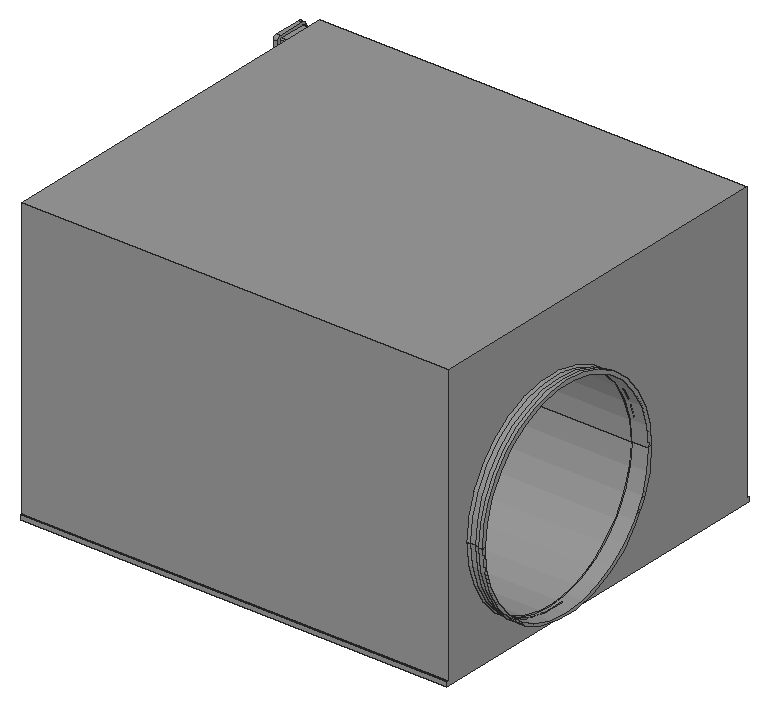
Revit family "IRB 500 A3 EC_7890040", category Mechanical Equipment, Revit 2014
Parameters (values of type "IRB 500 A3 EC")
  Wiring diagram = "4040147"
  Width = 1110 mm
  Weight = 79.70 kg
  Voltage range = "380-480 V"
  Voltage = 400 V
  Speed = "1340 rpm"
  Sound pressure level at 3 m = "59 dB(A)"
  Power = 981 W
  Phase = 3
  Max. temperature of transported air when speed controlled = 60 °C
  Max. temperature of transported air = 60 °C
  Main Material = Steel, Galvanized
  Height = 908 mm
  Frequency = 50 Hz
  Elevation [instance] = 2600 mm
  Diameter = 500 mm
  Description = "Insulated duct fans with circular connections"
  Depth = 681 mm
  Current = 1.55 A
  Capacitor = "- µF"
Reference planes
  plane 1 "Center (Front/Back)": y = 0
  plane 2: z = 0
  plane 3 "Center (Left/Right)": x = 0
  plane 4: z = 2600
Dimensions and locks
  "Elevation": plane 4 to plane 2
  aligned and locked: level to plane 2
  aligned and locked: plane 3 "Center (Left/Right)" to nested 1
  aligned and locked: plane 1 "Center (Front/Back)" to nested 1
  aligned and locked: nested 1 to nested 2  (x2)
  aligned and locked: nested 1 to plane 4
Nested families
  nested 1: "IRB" at (0, 0, 2600), type "IRB"
  nested 2: "Flow direction symbol" at (0, 0, 0), type "Flow direction symbol"
Connectors
  electrical at (-555, 402.5, 3229.5), driven by "Phase", driven by "Voltage", driven by "Power"
    settings: on nested 1, index 1, voltage 400 V, apparent load 0 VA, apparent load phase1 981 VA, apparent load phase2 0 VA, apparent load phase3 0 VA, power factor 1, load classification "Other", number of poles 3, system type 31, power factor state 1, is connector primary yes, connector utility no, sub classification motor no, connector description ""
  hvac at (-555, -144.5, 2886), driven by "Diameter"
    settings: on nested 1, index 4, duct flow 0.0 L/s, flow factor 0, pres drop 0.0 Pa, loss coef 0, conn angle 0.00°, conn width 304.8 mm, conn height 304.8 mm, conn diameter 500 mm, duct sys type 1, conn prof type 0, flow config 0, flow direction 1, loss method 0, conn ref index -1, conn util no, is conn primary yes, conn desc ""
  hvac at (547, -144, 2886), driven by "Diameter"
    settings: on nested 1, index 5, duct flow 0.0 L/s, flow factor 0, pres drop 0.0 Pa, loss coef 0, conn angle 0.00°, conn width 304.8 mm, conn height 304.8 mm, conn diameter 500 mm, duct sys type 3, conn prof type 0, flow config 0, flow direction 2, loss method 0, conn ref index -1, conn util no, is conn primary no, conn desc ""
Definition of nested family "IRB"
  Parameters (values of type "IRB")
    Width = 1110 mm
    Main Material = Steel, Galvanized
    Height = 908 mm
    Description = ""
    Depth = 681 mm
  Reference planes
    plane 1 "Center (Front/Back)": y = 0
    plane 2: z = 0
    plane 3 "Center (Left/Right)": x = 0
    plane 4: z = 681
    plane 5 "Horizontal Pipe Axis": z = 430
    plane 6: z = 10
    plane 7: z = 671
    plane 8: x = -513.5
    plane 9: x = 513.5
    plane 10: x = -555
    plane 11: x = 555
    plane 12: y = 454
    plane 13: y = -454
    plane 14: y = 444
    plane 15: x = -545
    plane 16: y = -144
    plane 17: z = 286
  Forms (mm)
    Extrusion 1, solid, material "Steel, Galvanized" <- "Main Material", detail levels medium+fine
      sketch origin (0, 0, 0) x (0, 1, 0) y (0, 0, 1)
        loop
          line (-454, 0) -> (454, 0) -> (454, 10) -> (449, 10) -> (449, 11) -> (449, 681) -> (-449, 681) -> (-449, 10) -> (-454, 10) -> (-454, 0)
      from -513.5 to 513.5
    Extrusion 2, void
      sketch origin (0, 64.5, -161.869) x (0, 1, 0) y (0, 0, 1)
        loop
          circle (-209.5, 446.497) r 247
      from -1429.857 to 1385.5
    Extrusion 3, solid, material "Steel, Galvanized" <- "Main Material", detail levels coarse
      sketch origin (0, 0, 0) x (0, 1, 0) y (0, 0, 1)
        loop
          line (454, 681) -> (-454, 681) -> (-454, 0) -> (454, 0) -> (454, 681)
      from -513.5 to 513.5
    Sweep 4, solid, material "Plastic, Opaque White", detail levels fine
      path origin (0, 0, 0) x (1, 0, 0) y (0, 1, 0)
        loop
          line (-545, 444) -> (-555, 444)
      profile origin (-550, 444, 0) x (0, -1, 0) y (0, 0, 1)
        loop
          arc (8.073, 671) -> (2.365, 668.635) -> (0, 662.927) r 8.073
          line (0, 662.927) -> (0, 596.073)
          arc (0, 596.073) -> (2.365, 590.365) -> (8.073, 588) r 8.073
          line (8.073, 588) -> (74.927, 588)
          arc (74.927, 588) -> (80.635, 590.365) -> (83, 596.073) r 8.073
          line (83, 596.073) -> (83, 662.927)
          arc (83, 662.927) -> (80.635, 668.635) -> (74.927, 671) r 8.073
          line (74.927, 671) -> (8.073, 671)
    Sweep 5, solid, material "Plastic, Opaque White", detail levels fine
      path origin (0, 0, 0) x (1, 0, 0) y (0, 1, 0)
        loop
          line (-545, 402.5) -> (-513.5, 402.5)
      profile origin (-529.25, 402.5, 0) x (0, 1, 0) y (0, 0, 1)
        loop
          line (33.427, 666) -> (-33.427, 666)
          arc (-33.427, 666) -> (-35.6, 665.1) -> (-36.5, 662.927) r 3.073
          line (-36.5, 662.927) -> (-36.5, 596.073)
          arc (-36.5, 596.073) -> (-35.6, 593.9) -> (-33.427, 593) r 3.073
          line (-33.427, 593) -> (33.427, 593)
          arc (33.427, 593) -> (35.6, 593.9) -> (36.5, 596.073) r 3.073
          line (36.5, 596.073) -> (36.5, 662.927)
          arc (36.5, 662.927) -> (35.6, 665.1) -> (33.427, 666) r 3.073
    Extrusion 6, void, detail levels medium+fine
      sketch origin (0, 64.5, -123.605) x (0, 1, 0) y (0, 0, 1)
        loop
          circle (-209.5, 407.499) r 248
      from -809.837 to 891.662
    Extrusion 7, solid, material "Steel, Galvanized" <- "Main Material", detail levels coarse
      sketch origin (0, 66, -116.163) x (0, 1, 0) y (0, 0, -1)
        loop
          circle (-208.916, -402.799) r 249
      from 513.5 to 555
    Extrusion 8, void
      sketch origin (0, 64.5, -122.872) x (0, 1, 0) y (0, 0, 1)
        loop
          circle (-209.5, 407.499) r 248
      from -809.837 to 700
    Revolve 9, solid, material "Steel, Galvanized" <- "Main Material", detail levels medium+fine
      sketch origin (0, 34.5, 286) x (-1, 0, 0) y (0, -1, 0)
        loop
          line (555, -75.416) -> (555, 178.5) -> (513.5, 178.5) -> (513.5, -71.416)
          arc (513.5, -71.416) -> (517.75, -73.416) -> (522, -71.416) r 5.516
          line (522, -71.416) -> (537, -71.416) -> (537, -73.416) -> (547, -73.416) -> (547, -75.416) -> (555, -75.416)
        axis (513.5, 178.5) -> (555, 178.5)
      angle from 0 to 360
    Extrusion 10, solid, material "Steel, Galvanized" <- "Main Material", detail levels coarse
      sketch origin (0, 66, -116.163) x (0, 1, 0) y (0, 0, 1)
        loop
          circle (-208.916, 402.799) r 249
      from 513.5 to 555
    Revolve 11, solid, material "Steel, Galvanized" <- "Main Material", detail levels medium+fine
      sketch origin (0, 34.5, 286) x (1, 0, 0) y (0, 1, 0)
        loop
          line (555, 75.416) -> (547, 75.416) -> (547, 73.416) -> (537, 73.416) -> (537, 71.416) -> (522, 71.416)
          arc (522, 71.416) -> (517.75, 73.416) -> (513.5, 71.416) r 5.516
          line (513.5, 71.416) -> (513.5, -178.5) -> (555, -178.5) -> (555, 75.416)
        axis (513.5, -178.5) -> (555, -178.5)
      angle from 0 to 360
  Cuts and joins
    Extrusion 2 cuts Extrusion 1
    joined: Sweep 4, Sweep 5
    Extrusion 6 cuts Extrusion 3
    Extrusion 8 cuts Revolve 9
    Extrusion 2 cuts Revolve 11
  Dimensions and locks
    equal spacing: plane 10, plane 3 "Center (Left/Right)", plane 11
    "Width": plane 10 to plane 11
    "Depth": plane 4 to level
    locked: plane 12 to plane 14 at 10
    locked: plane 4 to plane 7 at 10
    locked: plane 10 to plane 15 at 10
    locked: plane 10 to plane 8 at 41.5
    locked: plane 9 to plane 11 at 41.5
    locked: Sweep 5 sketch curve to plane 7 at 5
    locked: plane 14 to Sweep 5 sketch curve at 5
    plane 4 to plane 5 "Horizontal Pipe Axis" = 251 mm
    equal spacing: plane 12, plane 1 "Center (Front/Back)", plane 13
    "Height": plane 12 to plane 13
    aligned and locked: level to plane 2
    aligned and locked: Extrusion 1 sketch curve to plane 13
    aligned and locked: plane 2 to Extrusion 1 sketch curve
    aligned and locked: Extrusion 1 sketch curve to plane 12
    aligned and locked: Extrusion 1 to plane 9
    aligned and locked: Extrusion 1 to plane 8
    aligned and locked: plane 4 to Extrusion 3 sketch curve
    aligned and locked: plane 12 to Extrusion 3 sketch curve
    aligned and locked: Extrusion 3 to plane 8
    aligned and locked: Extrusion 3 to plane 9
    aligned and locked: plane 10 to Sweep 4 sketch curve
    aligned and locked: plane 15 to Sweep 4 sketch curve
    aligned and locked: Sweep 4 sketch curve to plane 7
    aligned and locked: Sweep 4 sketch curve to plane 14
    aligned and locked: plane 8 to Sweep 5 sketch curve
    aligned and locked: plane 15 to Sweep 5 sketch curve
    aligned and locked: Extrusion 10 to cut or joined group of Extrusion 3, Extrusion 6
    aligned and locked: Extrusion 10 to plane 11
    aligned and locked: Extrusion 7 to cut or joined group of Extrusion 3, Extrusion 6
    aligned and locked: Extrusion 7 to plane 10
  Automatic sketch dimensions
    Extrusion 1 sketch curve to plane 4 = 0 mm
    Extrusion 1 sketch curve to plane 6 = 0 mm  (x2)
    Extrusion 1 sketch curve to plane 13 = 5 mm
    Extrusion 1 sketch curve to plane 12 = 5 mm
    Extrusion 1 sketch curve to Extrusion 1 sketch curve = 1 mm
    Extrusion 2 sketch curve to plane 16 = 1 mm
    Extrusion 2 sketch curve to plane 17 = 1.372 mm
    Extrusion 3 sketch curve to plane 13 = 0 mm
    Extrusion 3 sketch curve to level = 0 mm
    Sweep 4 sketch curve to plane 14 = 0 mm
    Sweep 4 sketch curve to profile plane = 8.073 mm  (x2)
    Sweep 4 sketch curve to Sweep 4 sketch curve = 66.854 mm  (x3)
    Sweep 4 sketch curve to Sweep 4 sketch curve = 8.073 mm
    Sweep 5 sketch curve to plane 14 = 41.5 mm
    Sweep 5 sketch curve to Sweep 5 sketch curve = 3.073 mm  (x3)
    profile plane to Sweep 5 sketch curve = 33.427 mm  (x2)
    Sweep 5 sketch curve to Sweep 5 sketch curve = 66.854 mm
    Extrusion 6 sketch curve to plane 16 = 1 mm
    Extrusion 6 sketch curve to plane 17 = 2.106 mm
    plane 16 to Extrusion 7 sketch curve = 1.084 mm
    plane 17 to Extrusion 7 sketch curve = 0.636 mm
    Extrusion 8 sketch curve to plane 16 = 1 mm
    Extrusion 8 sketch curve to plane 17 = 1.372 mm
    Revolve 9 sketch curve to plane 8 = 0 mm  (x2)
    Revolve 9 sketch curve to plane 10 = 0 mm
    Revolve 9 sketch curve to plane 16 = 0 mm  (x2)
    Revolve 9 sketch curve to plane 8 = 4.25 mm
    Revolve 9 sketch curve to Revolve 9 sketch curve = 4.25 mm
    plane 15 to Revolve 9 sketch curve = 8 mm
    Revolve 9 sketch curve to plane 15 = 2 mm
    Revolve 9 sketch curve to plane 1 "Center (Front/Back)" = 102.4 mm
    Revolve 9 sketch curve to Revolve 9 sketch curve = 3.515 mm
    Revolve 9 sketch curve to Revolve 9 sketch curve = 2 mm  (x2)
    Revolve 9 sketch curve to Revolve 9 sketch curve = 93.5 mm
    plane 16 to Extrusion 10 sketch curve = 1.084 mm
    plane 17 to Extrusion 10 sketch curve = 0.636 mm
    Revolve 11 sketch curve to plane 9 = 0 mm  (x2)
    Revolve 11 sketch curve to plane 11 = 0 mm
    Revolve 11 sketch curve to plane 16 = 0 mm  (x2)
    Revolve 11 sketch curve to plane 9 = 4.25 mm
    Revolve 11 sketch curve to Revolve 11 sketch curve = 4.25 mm
    Revolve 11 sketch curve to Revolve 11 sketch curve = 15 mm
    plane 11 to Revolve 11 sketch curve = 8 mm
    Revolve 11 sketch curve to plane 1 "Center (Front/Back)" = 102.4 mm
    Revolve 11 sketch curve to Revolve 11 sketch curve = 3.515 mm
    Revolve 11 sketch curve to Revolve 11 sketch curve = 2 mm  (x2)
    Revolve 11 sketch curve to Revolve 11 sketch curve = 93.5 mm
    radius of Extrusion 2 sketch curve = 247 mm
    radius of Extrusion 6 sketch curve = 248 mm
    radius of Extrusion 7 sketch curve = 249 mm
    radius of Extrusion 8 sketch curve = 248 mm
    radius of Extrusion 10 sketch curve = 249 mm
Definition of nested family "Flow direction symbol"
  Parameters (values of type "Flow direction symbol")
    Warning = "!"
    Text = "DIMENSIONS OVERCONSTRAINT"
  Reference planes
    plane 1: y = 0
    plane 2: x = 0
  Lines and regions (mm)
    detail lines
      curve 1: line (-0.506, 0.877, 0) -> (-0.506, -0.877, 0)
      curve 2: line (1.012, 0, 0) -> (-0.506, -0.877, 0)
      curve 3: line (-0.506, 0.877, 0) -> (1.012, 0, 0)
      curve 4: circle (0, 0, 0) r 1 normal (0, 0, 1)
